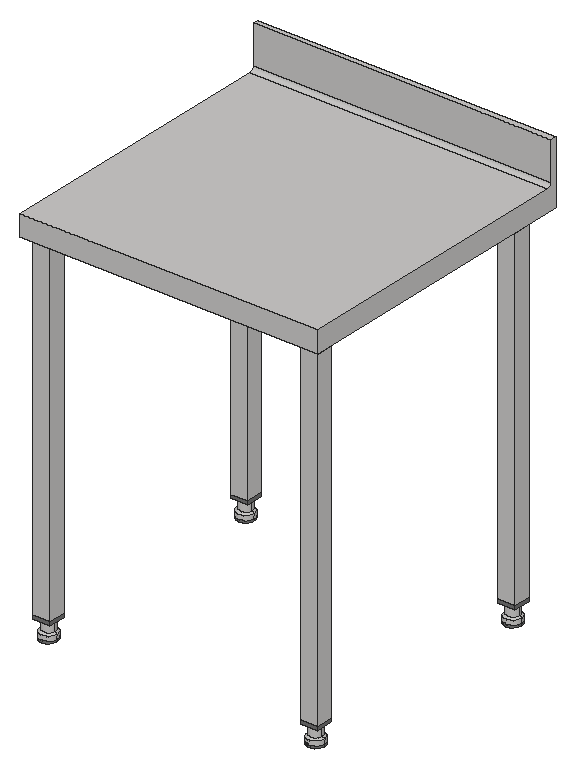
Revit family "QF_ZANUSSI_133229_TG700MHBN", category Attrezzature speciali, Revit 2020
Family settings
  Quota connettore circolare = Usa diametro
  Tipo di parte = Normale
  Basato su piano di lavoro = No
  Sempre verticale = Sì
  Taglio con vuoti quando caricato = No
  Condiviso = No
  Punto di calcolo locali = No
Parameters (values of type "Standard")
  Weight = 26.00 kg
  Watts = 0 W
  Volts = 0 V
  URL Manufacturer = "http://www.zanussiprofessional.com"
  URL = "http://www.zanussiprofessional.com"
  Steam Supply Size = 0 mm
  Steam Supply Minimum Pressure = 0.0 Pa
  Steam Supply Maximum Pressure = 0.0 Pa
  Steam Consumption per Hour = 0
  Refrigeration Suction Line Size = 0.0 mm
  Refrigeration Liquid Line Size = 0.0 mm
  Refrigerant Compressor Remote = yes
  Prospetto di default = 0.0 mm
  Produttore = "Zanussi"
  Phase = 0
  Modello = "TG700MHBN"
  Length Actual = 700.0 mm  # constant formula
  Item Number = "133229"
  Hot Water Size = 0 mm
  Height Actual = 1000.0 mm  # constant formula
  HP = "0 HP"
  Gas Size = 0 mm
  Gas KW = 0
  Gas Input Pressure = 0 W
  Direct Waste Size = 0 mm
  Descrizione = "WORK TABLE WITH UPSTAND 700 MM"
  Depth Actual = 700.0 mm  # constant formula
  Cycle = 0 Hz
  Condensate Return Size = 0 mm
  Compressed Air Volume = 0.0 L/s
  Compressed Air Size = 0 mm
  Compressed Air Pressure = 0.0 Pa
  Cold Water Size = 0 mm
  Accessory = yes
Reference planes
  plane 1 "Center (Front/Back)": y = 0
  plane 2: z = 0
  plane 3 "Center (Left/Right)": x = 150
  plane 4 "LEFT": x = -200
  plane 5 "RIGHT": x = 500
  plane 6 "BACK": y = 350
  plane 7 "FRONT": y = -350
  plane 8 "Base": z = 850
  plane 9 "TOP": z = 900
  plane 10: x = -164.5
  plane 11: x = 464.5
  plane 12: y = 269.5
  plane 13: y = -310.5
Forms (mm)
  Extrusion 1, solid, material "QF_Finishes_Stainless Steel"
    sketch origin (150, 0, 0) x (0, 1, 0) y (0, 0, 1)
      loop
        line (-350, 850) -> (350, 850) -> (350, 1000) -> (337, 1000) -> (337, 910)
        arc (337, 910) -> (334.071, 902.929) -> (327, 900) r 10
        line (327, 900) -> (-350, 900) -> (-350, 850)
    from 350 to -350
Lines and regions (mm)
  symbolic lines
    curve 1: line (500, 350, 900) -> (-200, 350, 900)
    curve 2: line (-200, 350, 900) -> (-200, -350, 900)
    curve 3: line (-200, -350, 900) -> (500, -350, 900)
    curve 4: line (500, -350, 900) -> (500, 350, 900)
    curve 5: line (500, 337, 900) -> (-200, 337, 900)
Dimensions and locks
  plane 4 "LEFT" to plane 5 "RIGHT" = 700.0 mm
  equal spacing: plane 4 "LEFT", plane 3 "Center (Left/Right)", plane 5 "RIGHT"
  locked: plane 8 "Base" to level at 850
  plane 4 "LEFT" to plane 10 = 35.5 mm
  plane 11 to plane 5 "RIGHT" = 35.5 mm
  plane 10 to plane 11 = 629.0 mm
  locked: Extrusion 1 to level at 1000
  plane 9 "TOP" to level = 900.0 mm
  plane 6 "BACK" to plane 12 = 80.5 mm
  plane 13 to plane 7 "FRONT" = 39.5 mm
  plane 6 "BACK" to plane 7 "FRONT" = 700.0 mm
  plane 12 to plane 13 = 580.0 mm
  equal spacing: plane 6 "BACK", plane 1 "Center (Front/Back)", plane 7 "FRONT"
  aligned and locked: level to plane 2
  aligned and locked: plane 10 to nested 1
  aligned and locked: nested 1 to plane 13
  aligned and locked: plane 11 to nested 2
  aligned and locked: nested 2 to plane 13
  aligned and locked: plane 11 to nested 4
  aligned and locked: nested 4 to plane 12
  aligned and locked: plane 10 to nested 3
  aligned and locked: nested 3 to plane 12
  aligned and locked: Extrusion 1 to plane 4 "LEFT"
  aligned and locked: plane 5 "RIGHT" to Extrusion 1
  aligned and locked: curve 2 to plane 4 "LEFT"
Automatic sketch dimensions
  Extrusion 1 sketch curve to plane 7 "FRONT" = 0.0 mm
  Extrusion 1 sketch curve to plane 9 "TOP" = 0.0 mm
  Extrusion 1 sketch curve to plane 6 "BACK" = 0.0 mm
  Extrusion 1 sketch curve to plane 8 "Base" = 0.0 mm
  plane 9 "TOP" to Extrusion 1 sketch curve = 10.0 mm
  Extrusion 1 sketch curve to plane 6 "BACK" = 13.0 mm
  Extrusion 1 sketch curve to Extrusion 1 sketch curve = 90.0 mm
  curve 3 to plane 7 "FRONT" = 0.0 mm
  curve 5 to plane 5 "RIGHT" = 0.0 mm
  curve 4 to plane 6 "BACK" = 0.0 mm
  curve 5 to plane 6 "BACK" = 13.0 mm
Nested families
  nested 1: "FEET_40x40_APP42" at (-164.5, -310.5, 0), type "FEET_40x40_APP42"
  nested 2: "FEET_40x40_APP42" at (464.5, -310.5, 0), type "FEET_40x40_APP42"
  nested 3: "FEET_40x40_APP42" at (-164.5, 269.5, 0), type "FEET_40x40_APP42"
  nested 4: "FEET_40x40_APP42" at (464.5, 269.5, 0), type "FEET_40x40_APP42"
Definition of nested family "FEET_40x40_APP42"
  Parameters
    Default Elevation = 0.0 mm
    FEET = 850.0 mm
  Reference planes
    plane 1 "Center (Front/Back)": y = 0
    plane 2: z = 0
    plane 3 "Center (Left/Right)": x = 0
    plane 4: z = 850
  Forms (mm)
    Extrusion 1, solid
      sketch origin (0, 0, 0) x (1, 0, 0) y (0, 1, 0)
        loop
          line (-20, -20) -> (20, -20) -> (20, 20) -> (-20, 20) -> (-20, -20)
      from 50 to 845
    Extrusion 2, solid
      sketch origin (0, 0, 0) x (1, 0, 0) y (0, 1, 0)
        loop
          circle (0, 0) r 20
      from 0 to 5
    Extrusion 3, solid
      sketch origin (0, 0, 0) x (1, 0, 0) y (0, 1, 0)
        loop
          line (30, 30) -> (-30, 30) -> (-30, -30) -> (30, -30) -> (30, 30)
      from 845 to 850
    Extrusion 4, solid
      sketch origin (0, 0, 0) x (1, 0, 0) y (0, 1, 0)
        loop
          line (-20, -20) -> (20, -20) -> (20, 20) -> (-20, 20) -> (-20, -20)
      from 50 to 42
    Revolve 5, solid
      sketch origin (0, 0, 0) x (1, 0, 0) y (0, 0, 1)
        loop
          line (0, 42) -> (-15, 42) -> (-15, 20) -> (-20, 15) -> (-20, 5) -> (0, 5) -> (0, 42)
        axis (0, 42) -> (0, 5)
      angle from 0 to 360
  Lines and regions (mm)
    symbolic lines
      curve 1: line (0, -1.503, 0) -> (0, 1.508, 0)
      curve 2: line (1.561, 0, 0) -> (-1.439, 0, 0)
  Dimensions and locks
    "FEET": plane 4 to plane 2
    aligned and locked: level to plane 2
  Automatic sketch dimensions
    plane 1 "Center (Front/Back)" to curve 2 = 0.0 mm
    curve 1 to plane 3 "Center (Left/Right)" = 0.0 mm
    curve 2 to plane 3 "Center (Left/Right)" = 1.439 mm
    plane 3 "Center (Left/Right)" to curve 2 = 1.561 mm
    plane 1 "Center (Front/Back)" to curve 1 = 1.503 mm
    curve 1 to plane 1 "Center (Front/Back)" = 1.508 mm
    Extrusion 1 sketch curve to plane 3 "Center (Left/Right)" = 20.0 mm
    plane 3 "Center (Left/Right)" to Extrusion 1 sketch curve = 20.0 mm
    plane 1 "Center (Front/Back)" to Extrusion 1 sketch curve = 20.0 mm
    Extrusion 1 sketch curve to plane 1 "Center (Front/Back)" = 20.0 mm
    plane 1 "Center (Front/Back)" to Extrusion 2 sketch curve = 0.0 mm
    Extrusion 2 sketch curve to plane 3 "Center (Left/Right)" = 0.0 mm
    Extrusion 3 sketch curve to plane 3 "Center (Left/Right)" = 30.0 mm
    plane 3 "Center (Left/Right)" to Extrusion 3 sketch curve = 30.0 mm
    plane 1 "Center (Front/Back)" to Extrusion 3 sketch curve = 30.0 mm
    Extrusion 3 sketch curve to plane 1 "Center (Front/Back)" = 30.0 mm
    Extrusion 4 sketch curve to plane 3 "Center (Left/Right)" = 20.0 mm
    plane 3 "Center (Left/Right)" to Extrusion 4 sketch curve = 20.0 mm
    plane 1 "Center (Front/Back)" to Extrusion 4 sketch curve = 20.0 mm
    Extrusion 4 sketch curve to plane 1 "Center (Front/Back)" = 20.0 mm
    Revolve 5 sketch curve to plane 3 "Center (Left/Right)" = 0.0 mm  (x2)
    Revolve 5 sketch curve to plane 3 "Center (Left/Right)" = 15.0 mm
    Revolve 5 sketch curve to Revolve 5 sketch curve = 5.0 mm  (x3)
    level to Revolve 5 sketch curve = 5.0 mm
    Revolve 5 sketch curve to Revolve 5 sketch curve = 10.0 mm
    Revolve 5 sketch curve to Revolve 5 sketch curve = 22.0 mm
    Revolve 5 sketch curve to level = 9.561 mm
    radius of Extrusion 2 sketch curve = 20.0 mm
